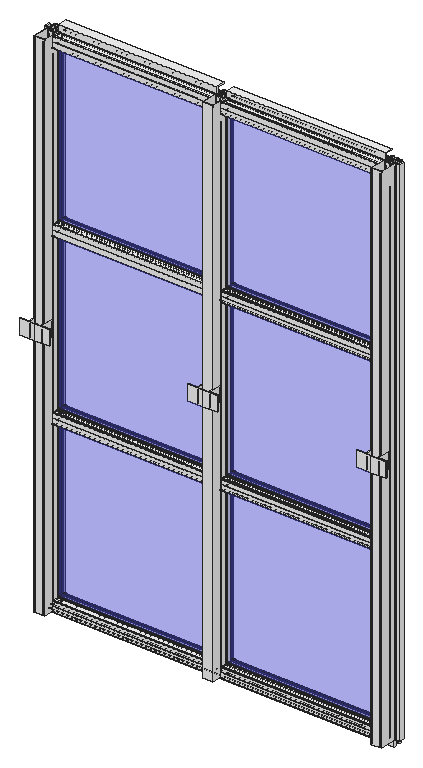
Revit family "Facade_60_Curtain_Wall_I23_Custom", category Windows, host Wall, Revit 2014
Parameters (values of type "F60-I23-Custom")
  Windload Design [instance] = if(Custom Windload < 1001 mm, 1000 mm, if(Custom Windload < 1501 mm, 1500 mm, 2000 mm))  # 1000 mm
  Width [instance] = if(Custom Curtain Wall Width < Limit Door Width Min, Limit Door Width Min, if(Custom Curtain Wall Width > Limit Door Width Max, Limit Door Width Max, Custom Curtain Wall Width))  # 2000 mm
  Wall Thickness [instance] = 200 mm
  Vertical Profile Length [instance] = Height - Frame Bottom Gap  # 2970 mm
  URL = "http://www.crealco.co.za/crealco-products.php"
  Type Comments = ""
  Transom Vertical Spacing [instance] = (Height - Frame Bottom Gap - (4 mm * 60)) / 3  # 910 mm
  Top Transom Top Gap [instance] = Transom Vertical Spacing + 60 mm  # 970 mm
  Top Profile Overhang = 5.9 mm  # constant formula
  Thermal Resistance (R) [instance] = if(IGDB or SAGDB Number = 100100, 1.0000 (m²·K)/W / Intruderprufe U Value, if(IGDB or SAGDB Number = 100100, 1.0000 (m²·K)/W / Intruderprufe U Value, if(IGDB or SAGDB Number = 105003, 1.0000 (m²·K)/W / Intruderprufe Insulated U Value, if(IGDB or SAGDB Number = 105004, 1.0000 (m²·K)/W / Intruderprufe Insulated LowE U Value, 1.0000 (m²·K)/W / 7.9)))) * 1  # 0.126582 (m²·K)/W
  Thermal Break Material = Plastic, Opaque Black
  Solar Heat Gain Coefficient [instance] = if(IGDB or SAGDB Number = 100100, Intruderprufe SHGC Value, if(IGDB or SAGDB Number = 103200, Intruderprufe LowE SHGC Value, if(IGDB or SAGDB Number = 105003, Intruderprufe Insulated SHGC Value, if(IGDB or SAGDB Number = 105004, Intruderprufe Insulated LowE SHGC Value, 0))))  # 0
  Single Glazing [instance] = if(DG Forced, 1 = 0, not(Double Glazing))  # no
  Sill Height = 85 mm  # constant formula
  SG Forced [instance] = not(DG Forced)  # no
  Quarter Expansion Break = no
  Overall Width [instance] = 2000 mm
  Overall Height [instance] = 3000 mm
  Mullion Side Gap [instance] = (Width / 2) - 30 mm  # 970 mm
  Mullion Configuration [instance] = if(Windload Design = 1000 mm, if(not(Height > 4990 mm), 1 mm, 2 mm), if(Windload Design = 1500 mm, if(not(Height > 4990 mm), if(Width > 2990 mm, 2 mm, 1 mm), 3 mm), if(not(Height > 4990 mm), if(Width > 1790 mm, 2 mm, 1 mm), 3 mm)))  # 1 mm
  Model = "Facade 60"
  Half Expansion Break = no
  Bottom Transom Bottom Gap [instance] = Transom Vertical Spacing + 30 mm + 60 mm  # 1000 mm
  Mid Glazing Bottom Gap [instance] = Frame Bottom Gap + 60 mm + Transom Vertical Spacing + 39.8 mm  # 1039.8 mm
  Max System DG Unit Thickness = 25 mm  # constant formula
  Max System DG One Piece Thickness [instance] = rounddown((Max System DG Unit Thickness - DG Gasket Thickness) / 2 mm) * 1 mm  # 6 mm
  Max Pane Area [instance] = Glazing Width * Glazing Height  # 0.90326 m²
  Manufacturer = "Crealco"
  Limit Door Width Min = (2 * Limit Panel Width Min) + (2 * Glazing Side Gap) + 19.6 mm  # 699.2 mm
  Limit Door Width Max = (2 * Limit Panel Width Max) + (2 * Glazing Side Gap) + 19.6 mm  # 6099.2 mm
  Limit Door Height Min = (3 * Limit Panel Height Min) + 69.8 mm + (2 mm * 19.6) + 39.8 mm  # 1048.8 mm
  Limit Door Height Max = (3 * Limit Panel Height Max) + 69.8 mm + (2 mm * 19.6) + 39.8 mm  # 18148.8 mm
  Limit Panel Width Min = 300 mm  # constant formula
  Limit Panel Width Max = 3000 mm  # constant formula
  Limit Panel Height Min = 300 mm  # constant formula
  Limit Panel Height Max = 6000 mm  # constant formula
  Sill Length [instance] = Width  # 2000 mm
  Length Sill [instance] = Width  # 2000 mm
  Keynote = ""
  Jamb Width = 60 mm  # constant formula
  Intruderprufe U Value = 0
  Intruderprufe SHGC Value = 0
  Intruderprufe LowE U Value = 0
  Intruderprufe LowE SHGC Value = 0
  Intruderprufe Insulated U Value = 0
  Intruderprufe Insulated SHGC Value = 0
  Intruderprufe Insulated LowE U Value = 0
  Intruderprufe Insulated LowE SHGC Value = 0
  Horizontal Profile Length [instance] = (Width - (2 * Jamb Width) - 60 mm) / 2  # 910 mm
  Glazing Width [instance] = Horizontal Profile Length + (2 mm * 20.2)  # 950.4 mm
  Glazing Top Gap = 39.8 mm  # constant formula
  Glazing Side Gap = 39.8 mm  # constant formula
  Glazing Height [instance] = (Height - Glazing Top Gap - Glazing Bottom Gap - (2 * (60 mm - 20.2 mm - 20.2 mm))) / 3  # 950.4 mm
  Glazing Gap SG [instance] = (14 mm - SG Thickness) / 2  # 5 mm
  Glazing Gap DG [instance] = (28 mm - (DG Thickness + DG Thickness + DG Gasket Thickness)) / 2  # 4 mm
  Glazing Bottom Gap = 69.8 mm  # constant formula
  Frame Thickness = 101.8 mm  # constant formula
  Frame Bottom Gap = 30 mm  # constant formula
  Door Leaf Height [instance] = 2050 mm
  Double Glazing [instance] = yes
  DG Thickness Calc [instance] = if(not(Max Pane Area > 1.125 m²), 4 mm, if(not(Max Pane Area > 2.25 m²), 4 mm, if(not(Max Pane Area > 3.15 m²), 5 mm, if(not(Max Pane Area > 4.35 m²), 6 mm, if(not(Max Pane Area > 6.45 m²), 8 mm, 10 mm)))))  # 4 mm
  DG Thickness [instance] = if(IGDB or SAGDB Number = 105003, 6 mm, if(IGDB or SAGDB Number = 105004, 7 mm, if(DG Thickness Calc > Max System DG One Piece Thickness, Max System DG One Piece Thickness, DG Thickness Calc)))  # 4 mm
  DG Gasket Thickness = 12 mm  # constant formula
  DG Gasket Finish [instance] = Double Glazing Gasket Material
  DG Forced [instance] = if(IGDB or SAGDB Number = 100100, 1 = 0, if(IGDB or SAGDB Number = 103200, 1 = 0, if(IGDB or SAGDB Number = 105003, 1 = 1, if(IGDB or SAGDB Number = 105004, 1 = 1, Double Glazing))))  # yes
  IGDB or SAGDB Number [instance] = 0
  Height [instance] = if(Custom Curtain Wall Height < Limit Door Height Min, Limit Door Height Min, if(Custom Curtain Wall Height > Limit Door Height Max, Limit Door Height Max, Custom Curtain Wall Height))  # 3000 mm
  Heat Transfer Coefficient (U) [instance] = if(IGDB or SAGDB Number = 100100, Intruderprufe U Value, if(IGDB or SAGDB Number = 103200, Intruderprufe LowE U Value, if(IGDB or SAGDB Number = 105003, Intruderprufe Insulated U Value, if(IGDB or SAGDB Number = 105004, Intruderprufe Insulated LowE U Value, 7.9)))) * 1.0000 W/(m²·K)  # 7.9000 W/(m²·K)
  SG Thickness [instance] = if(IGDB or SAGDB Number = 100100, 6 mm, if(IGDB or SAGDB Number = 103200, 7 mm, if(not(Max Pane Area > 0.75 m²), 4 mm, if(not(Max Pane Area > 1.50 m²), 4 mm, if(not(Max Pane Area > 2.10 m²), 5 mm, if(not(Max Pane Area > 2.90 m²), 6.4 mm, if(not(Max Pane Area > 4.30 m²), 8 mm, 10 mm)))))))  # 4 mm
  Glazing Material [instance] = if(IGDB or SAGDB Number = 100100, "PFG INTRUDERPRUFE 6.38mm", if(IGDB or SAGDB Number = 103200, "PFG INTRUDERPRUFE LOW-E 7.38mm", if(IGDB or SAGDB Number = 105003, "PFG 25mm INTRUDERPRUFE INSULATED GLASS", if(IGDB or SAGDB Number = 105004, "PFG 25mm INTRUDERPRUFE INSULATED GLASS LOW-E", "Unknown"))))  # "Unknown"
  Glazing Finish [instance] = Glass
  Glazing Code [instance] = if(IGDB or SAGDB Number = 100100, "LAM01", if(IGDB or SAGDB Number = 103200, "LAM01E", if(IGDB or SAGDB Number = 105003, "IGU25", if(IGDB or SAGDB Number = 105004, "IGU25E", "Unknown"))))  # "Unknown"
  Frame Offset [instance] = if([100mm Mullion], 130 mm, if([160mm Mullion], 160 mm, 190 mm))  # 130 mm
  Description = "Curtain Wall, I23"
  Default Sill Height = 0 mm
  Wall Closure = By host
  Custom Curtain Wall Width [instance] = 2000 mm
  Custom Curtain Wall Height [instance] = 3000 mm
  Custom Windload [instance] = 1000 mm
  Custom Anchor Height [instance] = 0 mm
  Anchor Height [instance] = if(or(Custom Anchor Height < 42.5 mm, Custom Anchor Height > (Height - 42.5 mm)), (Height / 2) - 42.5 mm, Custom Anchor Height - 42.5 mm)  # 1457.5 mm
  Aluminium Finish [instance] = White Powder Coated Aluminium ANP 1052
  All Available Glazing Numbers [instance] = "The rows below list the available glazing materials for this window:"  # constant formula
  190mm Mullion [instance] = if(Mullion Configuration = 3 mm, 1 = 1, 1 = 0)  # no
  160mm Mullion [instance] = if(Mullion Configuration = 2 mm, 1 = 1, 1 = 0)  # no
  105004 [instance] = "IGU25E"  # constant formula
  105003 [instance] = "IGU25"  # constant formula
  103200 [instance] = "LAM01E"  # constant formula
  100mm Mullion [instance] = if(or(Mullion Configuration = 2 mm, Mullion Configuration = 3 mm), 1 = 0, 1 = 1)  # yes
  100100 [instance] = "LAM01"  # constant formula
Reference planes
  plane 1 "Center (Front/Back)": y = 0
  plane 2 "Center (Left/Right)": x = 0
  plane 3 "Left": x = -1000
  plane 4 "Right": x = 1000
  plane 5 "Sill": z = 0
  plane 6 "Head": z = 3000
  plane 7 "Exterior": y = 100
  plane 8 "Interior": y = -100
Lines and regions (mm)
  Opening 1
    outline origin (3507.082, -100, 0) x (1, 0, 0) y (0, 0, 1)
      loop
        line (-2507.082, 0) -> (-2507.082, 3000) -> (-4507.082, 3000) -> (-4507.082, 0) -> (-2507.082, 0)
Text (mm)
  text "EXTERIOR" at (-1963.203, 1332.353, 0), in view "Ref. Level"
  text "INTERIOR" at (-1981.466, -818.386, 0), in view "Ref. Level"
  text "Exterior" at (0, 923.751, 2943.296), in view "Right"
  text "Exterior" at (0, 1040.484, 2685.409), in view "Left"
Dimensions and locks
  equal spacing: plane 3 "Left", plane 2 "Center (Left/Right)", plane 4 "Right"
  "Width": plane 3 "Left" to plane 4 "Right"
  "Height": plane 5 "Sill" to plane 6 "Head"
  "Default Sill Height": plane 5 "Sill" to level
  locked: plane 7 "Exterior" to host wall at 0
  locked: plane 8 "Interior" to host wall
  "Overall Height": plane 6 "Head" to plane 5 "Sill"
  "Overall Width": plane 3 "Left" to plane 4 "Right"
  "Wall Thickness": host wall to host wall
  "Jamb Width": nested 3 to plane 4 "Right"
  "Jamb Width": nested 5 to plane 4 "Right"
  "Frame Bottom Gap": nested 5 to level
  "Glazing Side Gap": nested 6 to plane 4 "Right"
  "Glazing Top Gap": nested 6 to plane 6 "Head"
  "Glazing Gap SG": nested 6 to nested 1
  "Glazing Side Gap": nested 7 to plane 4 "Right"
  "Glazing Top Gap": nested 7 to plane 6 "Head"
  "Glazing Gap DG": nested 7 to nested 1
  "Mullion Side Gap": nested 8 to plane 4 "Right"
  "Frame Bottom Gap": nested 8 to level
  "Jamb Width": plane 3 "Left" to nested 10
  "Jamb Width": plane 3 "Left" to nested 9
  "Glazing Side Gap": plane 3 "Left" to nested 11
  "Glazing Side Gap": plane 3 "Left" to nested 12
  "Glazing Gap SG": nested 2 to nested 12
  "Glazing Gap DG": nested 2 to nested 11
  "Glazing Bottom Gap": nested 11 to level
  "Glazing Bottom Gap": nested 12 to level
  "Frame Bottom Gap": nested 9 to level
  "Bottom Transom Bottom Gap": nested 13 to level
  "Jamb Width": plane 3 "Left" to nested 13
  "Jamb Width": nested 14 to plane 4 "Right"
  "Glazing Bottom Gap": nested 15 to level
  "Glazing Bottom Gap": nested 16 to level
  "Glazing Top Gap": nested 17 to plane 6 "Head"
  "Glazing Top Gap": nested 18 to plane 6 "Head"
  "Glazing Side Gap": plane 3 "Left" to nested 18
  "Glazing Side Gap": plane 3 "Left" to nested 17
  "Glazing Side Gap": nested 15 to plane 4 "Right"
  "Glazing Side Gap": nested 16 to plane 4 "Right"
  "Glazing Gap SG": nested 16 to nested 1
  "Glazing Gap DG": nested 15 to nested 1
  "Glazing Gap SG": nested 2 to nested 18
  "Glazing Gap DG": nested 2 to nested 17
  "Jamb Width": nested 19 to plane 4 "Right"
  "Jamb Width": plane 3 "Left" to nested 20
  "Mid Glazing Bottom Gap": nested 22 to level
  "Mid Glazing Bottom Gap": nested 24 to level
  "Mid Glazing Bottom Gap": nested 21 to level
  "Mid Glazing Bottom Gap": nested 23 to level
  "Glazing Side Gap": plane 3 "Left" to nested 23
  "Glazing Side Gap": plane 3 "Left" to nested 21
  "Glazing Side Gap": nested 24 to plane 4 "Right"
  "Glazing Side Gap": nested 22 to plane 4 "Right"
  "Glazing Gap DG": nested 2 to nested 21
  "Glazing Gap SG": nested 2 to nested 23
  "Glazing Gap DG": nested 22 to nested 1
  "Glazing Gap SG": nested 24 to nested 1
  "Bottom Transom Bottom Gap": nested 14 to level
  "Top Transom Top Gap": nested 19 to plane 6 "Head"
  "Top Transom Top Gap": nested 20 to plane 6 "Head"
  "Frame Offset": plane 8 "Interior" to nested 1
  "Anchor Height": nested 25 to level
  "Anchor Height": nested 26 to level
  "Anchor Height": nested 27 to level
  aligned and locked: plane 4 "Right" to nested 1
  aligned and locked: nested 1 to plane 6 "Head"
  aligned and locked: plane 3 "Left" to nested 2
  aligned and locked: plane 6 "Head" to nested 2
  aligned and locked: nested 3 to plane 6 "Head"
  aligned and locked: nested 4 to level
  aligned and locked: plane 4 "Right" to nested 4
  aligned and locked: nested 1 to nested 2
  aligned and locked: nested 5 to nested 4
  aligned and locked: nested 8 to nested 2
  aligned and locked: nested 10 to plane 6 "Head"
  aligned and locked: nested 5 to nested 10
  aligned and locked: nested 5 to nested 9
  aligned and locked: nested 10 to nested 3
  aligned and locked: nested 10 to nested 2
  aligned and locked: nested 13 to nested 10
  aligned and locked: nested 14 to nested 3
  aligned and locked: nested 20 to nested 10
  aligned and locked: nested 19 to nested 3
  aligned and locked: nested 1 to nested 27
  aligned and locked: plane 8 "Interior" to nested 27
  aligned and locked: plane 8 "Interior" to nested 26
  aligned and locked: nested 8 to nested 26
  aligned and locked: nested 25 to nested 2
  aligned and locked: plane 8 "Interior" to nested 25
Automatic sketch dimensions
  plane 3 "Left" to Opening 1 sketch curve = 0 mm
  plane 4 "Right" to Opening 1 sketch curve = 0 mm
  Opening 1 sketch curve to plane 5 "Sill" = 0 mm
  Opening 1 sketch curve to plane 6 "Head" = 0 mm
Nested families
  nested 1: "F60 Vertical Profile Side_I23_Cust" at (1000, 35.2, 30) x (-1, 0, 0) z (0, 0, 1), Thermal Break Material <- "Thermal Break Material", Profile Material <- "Aluminium Finish", Length <- "Vertical Profile Length", Single Glazing <- "SG Forced", Double Glazing <- "DG Forced", 100mm Mullion <- "100mm Mullion", 160mm Mullion <- "160mm Mullion", 190mm Mullion <- "190mm Mullion", Quarter Expansion Break <- "Quarter Expansion Break", Half Expansion Break <- "Half Expansion Break", type "F60 Vertical Profile Side_I23_Cust"
    with Thermal Break Material Plastic, Opaque Black, Single Glazing no, Quarter SG Expansion Break no, Quarter Length 742.5 mm, Quarter Expansion Break no, Quarter DG Expansion Break no, Quarter 190mm Expansion Break no, Quarter 160mm Expansion Break no, Quarter 100mm Expansion Break no, Profile Material White Powder Coated Aluminium ANP 1052, Length 2970 mm, Half SG Expansion Break no, Half Length 1485 mm, Half Expansion Break no, Half DG Expansion Break no, Half 190mm Expansion Joint no, Half 160mm Expansion Break no, Half 100mm Expansion Break no, Double Glazing yes, 190mm Mullion no, 160mm Mullion no, 100mm Mullion yes
  nested 2: "F60 Vertical Profile Side_I23_Cust" at (-1000, 35.2, 30), Thermal Break Material <- "Thermal Break Material", Profile Material <- "Aluminium Finish", Length <- "Vertical Profile Length", Single Glazing <- "SG Forced", Double Glazing <- "DG Forced", 100mm Mullion <- "100mm Mullion", 160mm Mullion <- "160mm Mullion", 190mm Mullion <- "190mm Mullion", Quarter Expansion Break <- "Quarter Expansion Break", Half Expansion Break <- "Half Expansion Break", type "F60 Vertical Profile Side_I23_Cust"
    with Thermal Break Material Plastic, Opaque Black, Single Glazing no, Quarter SG Expansion Break no, Quarter Length 742.5 mm, Quarter Expansion Break no, Quarter DG Expansion Break no, Quarter 190mm Expansion Break no, Quarter 160mm Expansion Break no, Quarter 100mm Expansion Break no, Profile Material White Powder Coated Aluminium ANP 1052, Length 2970 mm, Half SG Expansion Break no, Half Length 1485 mm, Half Expansion Break no, Half DG Expansion Break no, Half 190mm Expansion Joint no, Half 160mm Expansion Break no, Half 100mm Expansion Break no, Double Glazing yes, 190mm Mullion no, 160mm Mullion no, 100mm Mullion yes
  nested 3: "F60 Horizontal Profile Top_I23_Cust" at (940, -14.6, 2940) x (-1, 0, 0) z (0, 0, 1), Thermal Break Material <- "Thermal Break Material", Profile Material <- "Aluminium Finish", Length <- "Horizontal Profile Length", Single Glazing <- "SG Forced", Double Glazing <- "DG Forced", type "F60 Horizontal Profile Top_I23_Cust"
    with Thermal Break Material Plastic, Opaque Black, Single Glazing no, Profile Material White Powder Coated Aluminium ANP 1052, Length 910 mm, Double Glazing yes
  nested 4: "F60 Sill_I23_Cust" at (1000, 22.771, -1.88) x (-1, 0, 0) z (0, 0, 1), Profile Material <- "Aluminium Finish", Length Sill <- "Length Sill", type "F60 Sill_I23_Cust"
    with Profile Material White Powder Coated Aluminium ANP 1052, Length Sill 2000 mm
  nested 5: "F60 Horizontal Profile Bottom_I23_Cust" at (940, -14.6, 30) x (-1, 0, 0) z (0, 0, 1), Thermal Break Material <- "Thermal Break Material", Profile Material <- "Aluminium Finish", Length <- "Horizontal Profile Length", Single Glazing <- "SG Forced", Double Glazing <- "DG Forced", type "F60 Horizontal Profile Bottom_I23_Cust"
    with Thermal Break Material Plastic, Opaque Black, Single Glazing no, Profile Material White Powder Coated Aluminium ANP 1052, Length 910 mm, Double Glazing yes
  nested 6: "F60_Single_Glazing_I23_Cust" at (960.2, 44.2, 2009.8), Glazing Width <- "Glazing Width", Glazing Height <- "Glazing Height", SG Thickness <- "SG Thickness", Glazing Finish <- "Glazing Finish", visible <- "SG Forced", type "F60_Single_Glazing_I23_Cust"
    with SG Thickness 4 mm, Glazing Width 950.4 mm, Glazing Height 950.4 mm, Glazing Finish Glass
  nested 7: "F60_Double_Glazing_I23_Cust" at (960.2, 59.2, 2009.8), Glazing Material <- "Glazing Finish", Double Glazing Gasket Material <- "DG Gasket Finish", Glazing Width <- "Glazing Width", Glazing Height <- "Glazing Height", Glazing Thickness DG <- "DG Thickness", Double Glazing Gasket Thickness <- "DG Gasket Thickness", visible <- "DG Forced", type "F60_Double_Glazing_I23_Cust"
    with Glazing Width 950.4 mm, Glazing Thickness DG 4 mm, Glazing Material Glass, Glazing Height 950.4 mm, Double Glazing Gasket Thickness 12 mm, Double Glazing Gasket Material Double Glazing Gasket Material
  nested 8: "F60 Vertical Profile Middle_I23_Cust" at (30, 35.2, 30) x (-1, 0, 0) z (0, 0, 1), Thermal Break Material <- "Thermal Break Material", Profile Material <- "Aluminium Finish", Single Glazing <- "SG Forced", Double Glazing <- "DG Forced", 190mm Mullion <- "190mm Mullion", 160mm Mullion <- "160mm Mullion", 100mm Mullion <- "100mm Mullion", Length <- "Vertical Profile Length", Half Expansion Break <- "Half Expansion Break", Quarter Expansion Break <- "Quarter Expansion Break", type "F60 Vertical Profile Middle_I23_Cust"
    with Thermal Break Material Plastic, Opaque Black, Single Glazing no, Quarter SG Expansion Break no, Quarter Length 742.5 mm, Quarter Expansion Break no, Quarter DG Expansion Break no, Quarter 190mm Expansion Break no, Quarter 160mm Expansion Break no, Quarter 100mm Expansion Break no, Profile Material White Powder Coated Aluminium ANP 1052, Length 2970 mm, Half SG Expansion Break no, Half Length 1485 mm, Half Expansion Break no, Half DG Expansion Break no, Half 190mm Expansion Joint no, Half 160mm Expansion Break no, Half 100mm Expansion Break no, Double Glazing yes, 190mm Mullion no, 160mm Mullion no, 100mm Mullion yes
  nested 9: "F60 Horizontal Profile Bottom_I23_Cust" at (-30, -14.6, 30) x (-1, 0, 0) z (0, 0, 1), Thermal Break Material <- "Thermal Break Material", Profile Material <- "Aluminium Finish", Length <- "Horizontal Profile Length", Single Glazing <- "SG Forced", Double Glazing <- "DG Forced", type "F60 Horizontal Profile Bottom_I23_Cust"
    with Thermal Break Material Plastic, Opaque Black, Single Glazing no, Profile Material White Powder Coated Aluminium ANP 1052, Length 910 mm, Double Glazing yes
  nested 10: "F60 Horizontal Profile Top_I23_Cust" at (-30, -14.6, 2940) x (-1, 0, 0) z (0, 0, 1), Thermal Break Material <- "Thermal Break Material", Profile Material <- "Aluminium Finish", Length <- "Horizontal Profile Length", Single Glazing <- "SG Forced", Double Glazing <- "DG Forced", type "F60 Horizontal Profile Top_I23_Cust"
    with Thermal Break Material Plastic, Opaque Black, Single Glazing no, Profile Material White Powder Coated Aluminium ANP 1052, Length 910 mm, Double Glazing yes
  nested 11: "F60_Double_Glazing_I23_Cust" at (-9.8, 59.2, 69.8), Glazing Material <- "Glazing Finish", Double Glazing Gasket Material <- "DG Gasket Finish", Glazing Width <- "Glazing Width", Glazing Height <- "Glazing Height", Glazing Thickness DG <- "DG Thickness", Double Glazing Gasket Thickness <- "DG Gasket Thickness", visible <- "DG Forced", type "F60_Double_Glazing_I23_Cust"
    with Glazing Width 950.4 mm, Glazing Thickness DG 4 mm, Glazing Material Glass, Glazing Height 950.4 mm, Double Glazing Gasket Thickness 12 mm, Double Glazing Gasket Material Double Glazing Gasket Material
  nested 12: "F60_Single_Glazing_I23_Cust" at (-9.8, 44.2, 69.8), Glazing Width <- "Glazing Width", Glazing Height <- "Glazing Height", SG Thickness <- "SG Thickness", Glazing Finish <- "Glazing Finish", visible <- "SG Forced", type "F60_Single_Glazing_I23_Cust"
    with SG Thickness 4 mm, Glazing Width 950.4 mm, Glazing Height 950.4 mm, Glazing Finish Glass
  nested 13: "F60 Horizontal Profile Middle_I23_Cust" at (-30, -14.6, 1000) x (-1, 0, 0) z (0, 0, 1), Thermal Break Material <- "Thermal Break Material", Profile Material <- "Aluminium Finish", Length <- "Horizontal Profile Length", Single Glazing <- "SG Forced", Double Glazing <- "DG Forced", type "F60 Horizontal Profile Middle_I23_Cust"
    with Thermal Break Material Plastic, Opaque Black, Single Glazing no, Profile Material White Powder Coated Aluminium ANP 1052, Length 910 mm, Double Glazing yes
  nested 14: "F60 Horizontal Profile Middle_I23_Cust" at (940, -14.6, 1000) x (-1, 0, 0) z (0, 0, 1), Thermal Break Material <- "Thermal Break Material", Profile Material <- "Aluminium Finish", Length <- "Horizontal Profile Length", Single Glazing <- "SG Forced", Double Glazing <- "DG Forced", type "F60 Horizontal Profile Middle_I23_Cust"
    with Thermal Break Material Plastic, Opaque Black, Single Glazing no, Profile Material White Powder Coated Aluminium ANP 1052, Length 910 mm, Double Glazing yes
  nested 15: "F60_Double_Glazing_I23_Cust" at (960.2, 59.2, 69.8), Glazing Material <- "Glazing Finish", Double Glazing Gasket Material <- "DG Gasket Finish", Glazing Width <- "Glazing Width", Glazing Height <- "Glazing Height", Glazing Thickness DG <- "DG Thickness", Double Glazing Gasket Thickness <- "DG Gasket Thickness", visible <- "DG Forced", type "F60_Double_Glazing_I23_Cust"
    with Glazing Width 950.4 mm, Glazing Thickness DG 4 mm, Glazing Material Glass, Glazing Height 950.4 mm, Double Glazing Gasket Thickness 12 mm, Double Glazing Gasket Material Double Glazing Gasket Material
  nested 16: "F60_Single_Glazing_I23_Cust" at (960.2, 44.2, 69.8), Glazing Width <- "Glazing Width", Glazing Height <- "Glazing Height", SG Thickness <- "SG Thickness", Glazing Finish <- "Glazing Finish", visible <- "SG Forced", type "F60_Single_Glazing_I23_Cust"
    with SG Thickness 4 mm, Glazing Width 950.4 mm, Glazing Height 950.4 mm, Glazing Finish Glass
  nested 17: "F60_Double_Glazing_I23_Cust" at (-9.8, 59.2, 2009.8), Glazing Material <- "Glazing Finish", Double Glazing Gasket Material <- "DG Gasket Finish", Glazing Width <- "Glazing Width", Glazing Height <- "Glazing Height", Glazing Thickness DG <- "DG Thickness", Double Glazing Gasket Thickness <- "DG Gasket Thickness", visible <- "DG Forced", type "F60_Double_Glazing_I23_Cust"
    with Glazing Width 950.4 mm, Glazing Thickness DG 4 mm, Glazing Material Glass, Glazing Height 950.4 mm, Double Glazing Gasket Thickness 12 mm, Double Glazing Gasket Material Double Glazing Gasket Material
  nested 18: "F60_Single_Glazing_I23_Cust" at (-9.8, 44.2, 2009.8), Glazing Width <- "Glazing Width", Glazing Height <- "Glazing Height", SG Thickness <- "SG Thickness", Glazing Finish <- "Glazing Finish", visible <- "SG Forced", type "F60_Single_Glazing_I23_Cust"
    with SG Thickness 4 mm, Glazing Width 950.4 mm, Glazing Height 950.4 mm, Glazing Finish Glass
  nested 19: "F60 Horizontal Profile Middle_I23_Cust" at (940, -14.6, 1970) x (-1, 0, 0) z (0, 0, 1), Thermal Break Material <- "Thermal Break Material", Profile Material <- "Aluminium Finish", Length <- "Horizontal Profile Length", Single Glazing <- "SG Forced", Double Glazing <- "DG Forced", type "F60 Horizontal Profile Middle_I23_Cust"
    with Thermal Break Material Plastic, Opaque Black, Single Glazing no, Profile Material White Powder Coated Aluminium ANP 1052, Length 910 mm, Double Glazing yes
  nested 20: "F60 Horizontal Profile Middle_I23_Cust" at (-30, -14.6, 1970) x (-1, 0, 0) z (0, 0, 1), Thermal Break Material <- "Thermal Break Material", Profile Material <- "Aluminium Finish", Length <- "Horizontal Profile Length", Single Glazing <- "SG Forced", Double Glazing <- "DG Forced", type "F60 Horizontal Profile Middle_I23_Cust"
    with Thermal Break Material Plastic, Opaque Black, Single Glazing no, Profile Material White Powder Coated Aluminium ANP 1052, Length 910 mm, Double Glazing yes
  nested 21: "F60_Double_Glazing_I23_Cust" at (-9.8, 59.2, 1039.8), Glazing Material <- "Glazing Finish", Double Glazing Gasket Material <- "DG Gasket Finish", Glazing Width <- "Glazing Width", Glazing Height <- "Glazing Height", Glazing Thickness DG <- "DG Thickness", Double Glazing Gasket Thickness <- "DG Gasket Thickness", visible <- "DG Forced", type "F60_Double_Glazing_I23_Cust"
    with Glazing Width 950.4 mm, Glazing Thickness DG 4 mm, Glazing Material Glass, Glazing Height 950.4 mm, Double Glazing Gasket Thickness 12 mm, Double Glazing Gasket Material Double Glazing Gasket Material
  nested 22: "F60_Double_Glazing_I23_Cust" at (960.2, 59.2, 1039.8), Glazing Material <- "Glazing Finish", Double Glazing Gasket Material <- "DG Gasket Finish", Glazing Width <- "Glazing Width", Glazing Height <- "Glazing Height", Glazing Thickness DG <- "DG Thickness", Double Glazing Gasket Thickness <- "DG Gasket Thickness", visible <- "DG Forced", type "F60_Double_Glazing_I23_Cust"
    with Glazing Width 950.4 mm, Glazing Thickness DG 4 mm, Glazing Material Glass, Glazing Height 950.4 mm, Double Glazing Gasket Thickness 12 mm, Double Glazing Gasket Material Double Glazing Gasket Material
  nested 23: "F60_Single_Glazing_I23_Cust" at (-9.8, 44.2, 1039.8), Glazing Width <- "Glazing Width", Glazing Height <- "Glazing Height", SG Thickness <- "SG Thickness", Glazing Finish <- "Glazing Finish", visible <- "SG Forced", type "F60_Single_Glazing_I23_Cust"
    with SG Thickness 4 mm, Glazing Width 950.4 mm, Glazing Height 950.4 mm, Glazing Finish Glass
  nested 24: "F60_Single_Glazing_I23_Cust" at (960.2, 44.2, 1039.8), Glazing Width <- "Glazing Width", Glazing Height <- "Glazing Height", SG Thickness <- "SG Thickness", Glazing Finish <- "Glazing Finish", visible <- "SG Forced", type "F60_Single_Glazing_I23_Cust"
    with SG Thickness 4 mm, Glazing Width 950.4 mm, Glazing Height 950.4 mm, Glazing Finish Glass
  nested 25: "F60 Intermediate Anchor_I23_Cust" at (-1077.715, -189.531, 1457.5), Profile Material <- "Aluminium Finish", type "F60 Intermediate Anchor_I23_Cust"
    with Profile Material White Powder Coated Aluminium ANP 1052
  nested 26: "F60 Intermediate Anchor_I23_Cust" at (-109.703, -189.531, 1457.5), Profile Material <- "Aluminium Finish", type "F60 Intermediate Anchor_I23_Cust"
    with Profile Material White Powder Coated Aluminium ANP 1052
  nested 27: "F60 Intermediate Anchor_I23_Cust" at (860.297, -189.531, 1457.5), Profile Material <- "Aluminium Finish", type "F60 Intermediate Anchor_I23_Cust"
    with Profile Material White Powder Coated Aluminium ANP 1052
Definition of nested family "F60 Vertical Profile Side_I23_Cust"
  Parameters (values of type "F60 Vertical Profile Side")
    Quarter SG Expansion Break [instance] = if(and(Quarter Expansion Break, Single Glazing), 1 = 1, 1 = 0)  # yes
    Quarter Length [instance] = Length / 4  # 62.5 mm
    Thermal Break Material [instance] = none
    Single Glazing [instance] = yes
    Quarter Expansion Break [instance] = yes
    Quarter DG Expansion Break [instance] = if(and(Quarter Expansion Break, Double Glazing), 1 = 1, 1 = 0)  # yes
    Quarter 190mm Expansion Break [instance] = if(and(Quarter Expansion Break, [190mm Mullion]), 1 = 1, 1 = 0)  # yes
    Quarter 160mm Expansion Break [instance] = if(and(Quarter Expansion Break, [160mm Mullion]), 1 = 1, 1 = 0)  # yes
    Quarter 100mm Expansion Break [instance] = if(and(Quarter Expansion Break, [100mm Mullion]), 1 = 1, 1 = 0)  # yes
    Profile Material [instance] = none
    Length [instance] = 250 mm
    Half SG Expansion Break [instance] = if(and(Half Expansion Break, Single Glazing), 1 = 1, 1 = 0)  # yes
    Half Length [instance] = Length / 2  # 125 mm
    Half Expansion Break [instance] = yes
    Half DG Expansion Break [instance] = if(and(Half Expansion Break, Double Glazing), 1 = 1, 1 = 0)  # yes
    Half 190mm Expansion Joint [instance] = if(and(Half Expansion Break, [190mm Mullion]), 1 = 1, 1 = 0)  # yes
    Half 160mm Expansion Break [instance] = if(and(Half Expansion Break, [160mm Mullion]), 1 = 1, 1 = 0)  # yes
    Half 100mm Expansion Break [instance] = if(and(Half Expansion Break, [100mm Mullion]), 1 = 1, 1 = 0)  # yes
    Double Glazing [instance] = yes
    190mm Mullion [instance] = yes
    160mm Mullion [instance] = yes
    100mm Mullion [instance] = yes
  Reference planes
    plane 1 "Center (Front/Back)": y = 0
    plane 2: z = 0
    plane 3 "Center (Left/Right)": x = 0
  Forms (mm)
    Extrusion 1, solid, material <- "Profile Material"
      sketch origin (0, 0, 0) x (1, 0, 0) y (0, 1, 0)
        loop
          arc (25.249, -8.7) -> (25.484, -9.266) -> (26.049, -9.5) r 0.8
          line (26.049, -9.5) -> (27.1, -9.5) -> (27.1, 7) -> (32.902, 7) -> (32.902, -9.5) -> (33.951, -9.5)
          arc (33.951, -9.5) -> (34.516, -9.266) -> (34.751, -8.7) r 0.8
          line (34.751, -8.7) -> (34.751, 6.2)
          arc (34.751, 6.2) -> (34.985, 6.766) -> (35.551, 7) r 0.8
          line (35.551, 7) -> (52.1, 7) -> (52.1, 5.4) -> (50.55, 5.4) -> (50.55, 4.55)
          arc (50.55, 4.55) -> (50.726, 4.126) -> (51.15, 3.95) r 0.6
          line (51.15, 3.95) -> (52.1, 3.95) -> (52.1, 1)
          arc (52.1, 1) -> (51.6, 0.5) -> (52.1, 0) r 0.5
          line (52.1, 0) -> (54.45, 0) -> (54.45, 1.15) -> (53.3, 1.15) -> (53.3, 2.45) -> (58.8, 2.45) -> (58.8, 1.15) -> (57.65, 1.15) -> (57.65, 0) -> (59.5, 0)
          arc (59.5, 0) -> (59.854, 0.146) -> (60, 0.5) r 0.5
          line (60, 0.5) -> (60, 3.9) -> (53.55, 3.9) -> (53.55, 7.6)
          arc (53.55, 7.6) -> (53.316, 8.166) -> (52.75, 8.4) r 0.8
          line (52.75, 8.4) -> (30, 8.4) -> (7.25, 8.4)
          arc (7.25, 8.4) -> (6.684, 8.166) -> (6.45, 7.6) r 0.8
          line (6.45, 7.6) -> (6.45, 3.9) -> (0, 3.9) -> (0, 0.5)
          arc (0, 0.5) -> (0.146, 0.146) -> (0.5, 0) r 0.5
          line (0.5, 0) -> (2.35, 0) -> (2.35, 1.15) -> (1.2, 1.15) -> (1.2, 2.45) -> (6.7, 2.45) -> (6.7, 1.15) -> (5.55, 1.15) -> (5.55, 0) -> (7.9, 0)
          arc (7.9, 0) -> (8.4, 0.5) -> (7.9, 1) r 0.5
          line (7.9, 1) -> (7.9, 3.95) -> (8.85, 3.95)
          arc (8.85, 3.95) -> (9.274, 4.126) -> (9.45, 4.55) r 0.6
          line (9.45, 4.55) -> (9.45, 5.4) -> (7.9, 5.4) -> (7.9, 7) -> (24.449, 7)
          arc (24.449, 7) -> (25.015, 6.766) -> (25.249, 6.2) r 0.8
          line (25.249, 6.2) -> (25.249, -8.7)
      from 0 to 250 <- "Length"
    Extrusion 2, solid, material <- "Thermal Break Material"
      sketch origin (0, 0, 0) x (1, 0, 0) y (0, 1, 0)
        loop
          line (1.75, 9.8) -> (1.75, 5.2) -> (0, 5.2) -> (0, 3.9) -> (6.35, 3.9) -> (6.35, 7.856)
          arc (6.35, 7.856) -> (6.526, 8.281) -> (6.95, 8.456) r 0.6
          line (6.95, 8.456) -> (30, 8.456) -> (53.05, 8.456)
          arc (53.05, 8.456) -> (53.474, 8.281) -> (53.65, 7.856) r 0.6
          line (53.65, 7.856) -> (53.65, 3.9) -> (60, 3.9) -> (60, 5.2) -> (58.25, 5.2) -> (58.25, 9.8) -> (30, 9.8) -> (1.75, 9.8)
      from 0 to 250 <- "Length"
    Extrusion 3, solid, material <- "Thermal Break Material", visible <- "Single Glazing"
      sketch origin (0, 0, 0) x (1, 0, 0) y (0, 1, 0)
        loop
          line (25.749, -14.011) -> (27.672, -14.011) -> (28.481, -12.611) -> (31.518, -12.611) -> (32.327, -14.011) -> (34.249, -14.011)
          arc (34.249, -14.011) -> (34.603, -13.864) -> (34.749, -13.511) r 0.5
          line (34.749, -13.511) -> (34.749, -10.011)
          arc (34.749, -10.011) -> (34.603, -9.657) -> (34.249, -9.511) r 0.5
          line (34.249, -9.511) -> (32.352, -9.511) -> (32.352, 0.19) -> (31.349, 2.261)
          arc (31.349, 2.261) -> (29.999, 2.986) -> (28.649, 2.261) r 1.62
          line (28.649, 2.261) -> (27.647, 0.19) -> (27.647, -9.511) -> (25.749, -9.511)
          arc (25.749, -9.511) -> (25.396, -9.657) -> (25.249, -10.011) r 0.5
          line (25.249, -10.011) -> (25.249, -13.511)
          arc (25.249, -13.511) -> (25.396, -13.864) -> (25.749, -14.011) r 0.5
        loop
          line (28.504, -10.005) -> (28.504, -10.861)
          arc (28.504, -10.861) -> (28.651, -11.214) -> (29.004, -11.361) r 0.5
          line (29.004, -11.361) -> (30.994, -11.361)
          arc (30.994, -11.361) -> (31.348, -11.214) -> (31.494, -10.861) r 0.5
          line (31.494, -10.861) -> (31.494, -10.005) -> (30.708, -9.219)
          arc (30.708, -9.219) -> (30.383, -9.001) -> (29.999, -8.924) r 1.007
          arc (29.999, -8.924) -> (29.616, -8.999) -> (29.292, -9.217) r 0.986
          line (29.292, -9.217) -> (28.504, -10.005)
        loop
          arc (30.896, 1.935) -> (29.887, 2.44) -> (29.005, 1.735) r 1.047
          line (29.005, 1.735) -> (28.347, 0.374) -> (28.347, -6.993)
          arc (28.347, -6.993) -> (28.583, -7.417) -> (29.068, -7.441) r 0.5
          arc (29.068, -7.441) -> (29.999, -7.223) -> (30.93, -7.441) r 2.099
          arc (30.93, -7.441) -> (31.416, -7.417) -> (31.652, -6.993) r 0.5
          line (31.652, -6.993) -> (31.652, 0.374) -> (30.896, 1.935)
      from 0 to 250 <- "Length"
    Extrusion 4, solid, material <- "Profile Material", visible <- "Single Glazing"
      sketch origin (0, 0, 0) x (1, 0, 0) y (0, 1, 0)
        loop
          line (52.693, -14.011) -> (32.327, -14.011) -> (31.519, -12.611) -> (28.481, -12.611) -> (27.673, -14.011) -> (7.307, -14.011) -> (7.307, -15.011) -> (8.457, -15.011) -> (8.457, -16.261) -> (2.957, -16.261) -> (2.957, -15.011) -> (4.107, -15.011) -> (4.107, -14.011) -> (1.707, -14.011)
          arc (1.707, -14.011) -> (1.199, -14.293) -> (1.168, -14.873) r 0.6
          line (1.168, -14.873) -> (2.093, -16.772) -> (1.015, -17.298) -> (1.484, -18.261) -> (11.488, -18.261)
          arc (11.488, -18.261) -> (11.913, -18.085) -> (12.088, -17.661) r 0.6
          line (12.088, -17.661) -> (12.088, -16.811) -> (47.912, -16.811) -> (47.912, -17.661)
          arc (47.912, -17.661) -> (48.088, -18.085) -> (48.512, -18.261) r 0.6
          line (48.512, -18.261) -> (58.518, -18.261) -> (58.987, -17.298) -> (57.908, -16.772) -> (58.834, -14.874)
          arc (58.834, -14.874) -> (58.802, -14.293) -> (58.293, -14.011) r 0.6
          line (58.293, -14.011) -> (55.893, -14.011) -> (55.893, -15.011) -> (57.043, -15.011) -> (57.043, -16.261) -> (51.543, -16.261) -> (51.543, -15.011) -> (52.693, -15.011) -> (52.693, -14.011)
      from 0 to 250 <- "Length"
    Extrusion 5, solid, material <- "Profile Material", visible <- "Single Glazing"
      sketch origin (0, 0, 0) x (1, 0, 0) y (0, 1, 0)
        loop
          line (2.801, -18.261) -> (1.484, -18.261) -> (1.015, -17.298) -> (2.093, -16.772) -> (0.779, -14.076)
          arc (0.779, -14.076) -> (0.239, -14.21) -> (0.001, -14.713) r 0.65
          line (0.001, -14.713) -> (0.001, -28.068)
          arc (0.001, -28.068) -> (1.172, -30.897) -> (4.001, -32.068) r 4
          line (4.001, -32.068) -> (30.001, -32.068) -> (56.001, -32.068)
          arc (56.001, -32.068) -> (58.829, -30.897) -> (60.001, -28.068) r 4
          line (60.001, -28.068) -> (60.001, -14.713)
          arc (60.001, -14.713) -> (59.763, -14.21) -> (59.223, -14.076) r 0.65
          line (59.223, -14.076) -> (57.908, -16.772) -> (58.987, -17.298) -> (58.518, -18.261) -> (57.201, -18.261)
          arc (57.201, -18.261) -> (56.83, -18.425) -> (56.703, -18.811) r 0.5
          arc (56.703, -18.811) -> (56.83, -19.196) -> (57.201, -19.361) r 0.5
          line (57.201, -19.361) -> (58.951, -19.361) -> (58.951, -27.968)
          arc (58.951, -27.968) -> (58.131, -29.948) -> (56.151, -30.768) r 2.8
          line (56.151, -30.768) -> (30.001, -30.768) -> (3.851, -30.768)
          arc (3.851, -30.768) -> (1.871, -29.948) -> (1.051, -27.968) r 2.8
          line (1.051, -27.968) -> (1.051, -19.361) -> (2.801, -19.361)
          arc (2.801, -19.361) -> (3.172, -19.196) -> (3.298, -18.811) r 0.5
          arc (3.298, -18.811) -> (3.172, -18.425) -> (2.801, -18.261) r 0.5
      from 0 to 250 <- "Length"
    Extrusion 6, solid, material <- "Profile Material", visible <- "100mm Mullion"
      sketch origin (0, 0, 0) x (1, 0, 0) y (0, 1, 0)
        loop
          line (14.02, 13) -> (45.98, 13)
          arc (45.98, 13) -> (46.539, 12.842) -> (46.917, 12.4) r 1
          arc (46.917, 12.4) -> (47.285, 11.963) -> (47.833, 11.8) r 1
          line (47.833, 11.8) -> (58.15, 11.8) -> (58.15, 96.3) -> (47.833, 96.3)
          arc (47.833, 96.3) -> (47.285, 96.137) -> (46.917, 95.7) r 1
          arc (46.917, 95.7) -> (46.548, 95.263) -> (46, 95.1) r 1
          line (46, 95.1) -> (14, 95.1)
          arc (14, 95.1) -> (13.452, 95.263) -> (13.083, 95.7) r 1
          arc (13.083, 95.7) -> (12.715, 96.137) -> (12.167, 96.3) r 1
          line (12.167, 96.3) -> (1.85, 96.3) -> (1.85, 11.8) -> (12.167, 11.8)
          arc (12.167, 11.8) -> (12.715, 11.963) -> (13.083, 12.4) r 1
          arc (13.083, 12.4) -> (13.461, 12.842) -> (14.02, 13) r 1
        loop
          line (1.65, 9.856) -> (58.35, 9.856) -> (58.35, 5.2) -> (60, 5.2) -> (60, 98.8)
          arc (60, 98.8) -> (59.707, 99.507) -> (59, 99.8) r 1
          line (59, 99.8) -> (1, 99.8)
          arc (1, 99.8) -> (0.293, 99.507) -> (0, 98.8) r 1
          line (0, 98.8) -> (0, 5.2) -> (1.65, 5.2) -> (1.65, 9.856)
      from 0 to 250 <- "Length"
    Extrusion 7, solid, material <- "Profile Material", visible <- "160mm Mullion"
      sketch origin (0, 0, 0) x (1, 0, 0) y (0, 1, 0)
        loop
          arc (2.35, 15.6) -> (2.526, 15.176) -> (2.95, 15) r 0.6
          line (2.95, 15) -> (57.05, 15)
          arc (57.05, 15) -> (57.474, 15.176) -> (57.65, 15.6) r 0.6
          line (57.65, 15.6) -> (57.65, 153.7)
          arc (57.65, 153.7) -> (57.474, 154.124) -> (57.05, 154.3) r 0.6
          line (57.05, 154.3) -> (47.833, 154.3)
          arc (47.833, 154.3) -> (47.285, 154.137) -> (46.917, 153.7) r 1
          arc (46.917, 153.7) -> (46.548, 153.263) -> (46, 153.1) r 1
          line (46, 153.1) -> (14, 153.1)
          arc (14, 153.1) -> (13.452, 153.263) -> (13.083, 153.7) r 1
          arc (13.083, 153.7) -> (12.715, 154.137) -> (12.167, 154.3) r 1
          line (12.167, 154.3) -> (2.95, 154.3)
          arc (2.95, 154.3) -> (2.526, 154.124) -> (2.35, 153.7) r 0.6
          line (2.35, 153.7) -> (2.35, 15.6)
        loop
          arc (1, 159.8) -> (0.293, 159.507) -> (0, 158.8) r 1
          line (0, 158.8) -> (0, 5.2) -> (1.65, 5.2) -> (1.65, 10.013) -> (58.35, 10.013) -> (58.35, 5.2) -> (60, 5.2) -> (60, 158.8)
          arc (60, 158.8) -> (59.707, 159.507) -> (59, 159.8) r 1
          line (59, 159.8) -> (1, 159.8)
      from 0 to 250 <- "Length"
    Extrusion 8, solid, material <- "Profile Material", visible <- "190mm Mullion"
      sketch origin (0, 0, 0) x (1, 0, 0) y (0, 1, 0)
        loop
          line (57.25, 15.1) -> (57.25, 178.3)
          arc (57.25, 178.3) -> (56.957, 179.007) -> (56.25, 179.3) r 1
          line (56.25, 179.3) -> (3.75, 179.3)
          arc (3.75, 179.3) -> (3.043, 179.007) -> (2.75, 178.3) r 1
          line (2.75, 178.3) -> (2.75, 15.1)
          arc (2.75, 15.1) -> (2.984, 14.534) -> (3.55, 14.3) r 0.8
          line (3.55, 14.3) -> (56.45, 14.3)
          arc (56.45, 14.3) -> (57.016, 14.534) -> (57.25, 15.1) r 0.8
        loop
          line (60, 5.2) -> (60, 188.8)
          arc (60, 188.8) -> (59.707, 189.507) -> (59, 189.8) r 1
          line (59, 189.8) -> (1, 189.8)
          arc (1, 189.8) -> (0.293, 189.507) -> (0, 188.8) r 1
          line (0, 188.8) -> (0, 5.2) -> (1.65, 5.2) -> (1.65, 9.856) -> (58.35, 9.856) -> (58.35, 5.2) -> (60, 5.2)
      from 0 to 250 <- "Length"
    Extrusion 9, solid, material <- "Thermal Break Material", visible <- "Double Glazing"
      sketch origin (0, 0, 0) x (1, 0, 0) y (0, 1, 0)
        loop
          line (27.672, -28) -> (28.48, -26.6) -> (31.518, -26.6) -> (32.326, -28) -> (34.249, -28)
          arc (34.249, -28) -> (34.603, -27.854) -> (34.749, -27.5) r 0.5
          line (34.749, -27.5) -> (34.749, -10)
          arc (34.749, -10) -> (34.603, -9.646) -> (34.249, -9.5) r 0.5
          line (34.249, -9.5) -> (32.352, -9.5) -> (32.352, 0.198) -> (31.348, 2.272)
          arc (31.348, 2.272) -> (29.998, 2.997) -> (28.648, 2.272) r 1.62
          line (28.648, 2.272) -> (27.645, 0.201) -> (27.645, -9.5) -> (25.749, -9.5)
          arc (25.749, -9.5) -> (25.396, -9.646) -> (25.249, -10) r 0.5
          line (25.249, -10) -> (25.249, -27.5)
          arc (25.249, -27.5) -> (25.396, -27.854) -> (25.749, -28) r 0.5
          line (25.749, -28) -> (27.672, -28)
        loop
          arc (30.706, -9.206) -> (30.382, -8.99) -> (29.999, -8.913) r 1.007
          arc (29.999, -8.913) -> (29.616, -8.988) -> (29.292, -9.206) r 0.986
          line (29.292, -9.206) -> (27.142, -11.356)
          arc (27.142, -11.356) -> (26.926, -11.68) -> (26.849, -12.063) r 1
          line (26.849, -12.063) -> (26.849, -24)
          arc (26.849, -24) -> (27.142, -24.707) -> (27.849, -25) r 1
          line (27.849, -25) -> (32.149, -25)
          arc (32.149, -25) -> (32.856, -24.707) -> (33.149, -24) r 1
          line (33.149, -24) -> (33.149, -12.063)
          arc (33.149, -12.063) -> (33.073, -11.68) -> (32.856, -11.356) r 1
          line (32.856, -11.356) -> (30.706, -9.206)
        loop
          arc (28.345, -6.982) -> (28.581, -7.407) -> (29.067, -7.43) r 0.5
          arc (29.067, -7.43) -> (29.998, -7.213) -> (30.929, -7.43) r 2.099
          arc (30.929, -7.43) -> (31.414, -7.407) -> (31.651, -6.982) r 0.5
          line (31.651, -6.982) -> (31.651, 0.385) -> (30.895, 1.946)
          arc (30.895, 1.946) -> (29.885, 2.45) -> (29.004, 1.745) r 1.047
          line (29.004, 1.745) -> (28.345, 0.385) -> (28.345, -6.982)
      from 0 to 250 <- "Length"
    Extrusion 10, solid, material <- "Profile Material", visible <- "Double Glazing"
      sketch origin (0, 0, 0) x (1, 0, 0) y (0, 1, 0)
        loop
          line (52.692, -28) -> (32.327, -28) -> (31.518, -26.6) -> (28.48, -26.6) -> (27.672, -28) -> (7.306, -28) -> (7.306, -29) -> (8.456, -29) -> (8.456, -30.25) -> (2.956, -30.25) -> (2.956, -29) -> (4.106, -29) -> (4.106, -28) -> (1.706, -28)
          arc (1.706, -28) -> (1.198, -28.282) -> (1.167, -28.863) r 0.6
          line (1.167, -28.863) -> (2.093, -30.762) -> (1.014, -31.288) -> (1.483, -32.25) -> (11.488, -32.25)
          arc (11.488, -32.25) -> (11.912, -32.074) -> (12.088, -31.65) r 0.6
          line (12.088, -31.65) -> (12.088, -30.8) -> (47.911, -30.8) -> (47.911, -31.65)
          arc (47.911, -31.65) -> (48.087, -32.074) -> (48.511, -32.25) r 0.6
          line (48.511, -32.25) -> (58.517, -32.25) -> (58.986, -31.288) -> (57.907, -30.762) -> (58.833, -28.864)
          arc (58.833, -28.864) -> (58.801, -28.282) -> (58.292, -28) r 0.6
          line (58.292, -28) -> (55.892, -28) -> (55.892, -29) -> (57.042, -29) -> (57.042, -30.25) -> (51.542, -30.25) -> (51.542, -29) -> (52.692, -29) -> (52.692, -28)
      from 0 to 250 <- "Length"
    Extrusion 11, solid, material <- "Profile Material", visible <- "Double Glazing"
      sketch origin (0, 0, 0) x (1, 0, 0) y (0, 1, 0)
        loop
          line (2.8, -32.25) -> (1.483, -32.25) -> (1.014, -31.288) -> (2.093, -30.762) -> (0.778, -28.065)
          arc (0.778, -28.065) -> (0.238, -28.2) -> (0, -28.702) r 0.65
          line (0, -28.702) -> (0, -42.058)
          arc (0, -42.058) -> (1.172, -44.886) -> (4, -46.058) r 4
          line (4, -46.058) -> (30, -46.058) -> (56, -46.058)
          arc (56, -46.058) -> (58.828, -44.886) -> (60, -42.058) r 4
          line (60, -42.058) -> (60, -28.702)
          arc (60, -28.702) -> (59.762, -28.2) -> (59.222, -28.065) r 0.65
          line (59.222, -28.065) -> (57.907, -30.762) -> (58.986, -31.288) -> (58.517, -32.25) -> (57.2, -32.25)
          arc (57.2, -32.25) -> (56.829, -32.415) -> (56.703, -32.8) r 0.5
          arc (56.703, -32.8) -> (56.829, -33.185) -> (57.2, -33.35) r 0.5
          line (57.2, -33.35) -> (58.95, -33.35) -> (58.95, -41.958)
          arc (58.95, -41.958) -> (58.13, -43.938) -> (56.15, -44.758) r 2.8
          line (56.15, -44.758) -> (30, -44.758) -> (3.85, -44.758)
          arc (3.85, -44.758) -> (1.87, -43.938) -> (1.05, -41.958) r 2.8
          line (1.05, -41.958) -> (1.05, -33.35) -> (2.8, -33.35)
          arc (2.8, -33.35) -> (3.171, -33.185) -> (3.297, -32.8) r 0.5
          arc (3.297, -32.8) -> (3.171, -32.415) -> (2.8, -32.25) r 0.5
      from 0 to 250 <- "Length"
    Extrusion 12, solid, material <- "Profile Material", visible <- "Single Glazing"
      sketch origin (0, 0, 0) x (1, 0, 0) y (0, 1, 0)
        loop
          line (10.403, -10.171) -> (10.403, -3.821) -> (-21.349, -3.821) -> (-21.349, -35.567) -> (-14.999, -35.567) -> (-14.999, -10.171) -> (10.403, -10.171)
      from 0 to 250 <- "Length"
    Extrusion 13, solid, material <- "Profile Material", visible <- "Double Glazing"
      sketch origin (0, 0, 0) x (1, 0, 0) y (0, 1, 0)
        loop
          line (10.402, -7.775) -> (10.402, -1.425) -> (-21.35, -1.425) -> (-21.35, -33.172) -> (-15, -33.172) -> (-15, -7.775) -> (10.402, -7.775)
      from 0 to 250 <- "Length"
    Extrusion 14, solid, material <- "Profile Material", visible <- "Double Glazing"
      sketch origin (0, 0, 0) x (1, 0, 0) y (0, 1, 0)
        loop
          line (12, -7.775) -> (0, -7.775) -> (0, -25.775) -> (12, -25.775) -> (12, -7.775)
        loop
          line (10.8, -8.975) -> (1.2, -8.975) -> (1.2, -24.575) -> (10.8, -24.575) -> (10.8, -8.975)
      from 0 to 250 <- "Length"
  Lines and regions (mm)
    model lines, style "GenericModelHiddenLines", visible <- "Half 100mm Expansion Break"
      curve 1: line (60, 5.2, 125) -> (60, 95.2, 125)
      curve 2: line (60, 99.8, 125) -> (0, 99.8, 125)
      curve 8: line (0, 5.2, 125) -> (0, 95.2, 125)
    model lines, style "GenericModelHiddenLines", visible <- "Quarter 100mm Expansion Break"
      curve 3: line (60, 5.2, 187.5) -> (60, 95.2, 187.5)
      curve 4: line (60, 5.2, 62.5) -> (60, 95.2, 62.5)
      curve 5: line (60, 99.8, 62.5) -> (0, 99.8, 62.5)
      curve 6: line (60, 99.8, 187.5) -> (0, 99.8, 187.5)
      curve 7: line (0, 5.2, 187.5) -> (0, 95.2, 187.5)
      curve 9: line (0, 5.2, 62.5) -> (0, 95.2, 62.5)
    model lines, style "GenericModelHiddenLines", visible <- "Half SG Expansion Break"
      curve 10: line (4.107, -32.068, 125) -> (55.893, -32.068, 125)
      curve 14: line (60.001, -14.011, 125) -> (60.001, -32.068, 125)
    model lines, style "GenericModelHiddenLines", visible <- "Quarter SG Expansion Break"
      curve 11: line (4.107, -32.068, 187.5) -> (56.703, -32.068, 187.5)
      curve 12: line (4.107, -32.068, 62.5) -> (56.703, -32.068, 62.5)
      curve 13: line (60.001, -14.011, 187.5) -> (60.001, -32.068, 187.5)
      curve 15: line (60.001, -14.011, 62.5) -> (60.001, -32.068, 62.5)
    model lines, style "GenericModelHiddenLines", visible <- "Quarter 160mm Expansion Break"
      curve 16: line (0, 5.2, 187.5) -> (0, 155.2, 187.5)
      curve 18: line (0, 5.2, 62.5) -> (0, 155.2, 62.5)
      curve 19: line (0, 159.8, 187.5) -> (60, 159.8, 187.5)
      curve 21: line (0, 159.8, 62.5) -> (60, 159.8, 62.5)
      curve 22: line (60, 5.2, 187.5) -> (60, 155.2, 187.5)
      curve 24: line (60, 5.2, 62.5) -> (60, 155.2, 62.5)
    model lines, style "GenericModelHiddenLines", visible <- "Half 160mm Expansion Break"
      curve 17: line (0, 5.2, 125) -> (0, 155.2, 125)
      curve 20: line (0, 159.8, 125) -> (60, 159.8, 125)
      curve 23: line (60, 5.2, 125) -> (60, 155.2, 125)
    model lines, style "GenericModelHiddenLines", visible <- "Quarter 190mm Expansion Break"
      curve 25: line (0, 5.2, 187.5) -> (0, 185.2, 187.5)
      curve 27: line (0, 5.2, 62.5) -> (0, 185.2, 62.5)
      curve 28: line (0.779, 189.8, 187.5) -> (59.222, 189.8, 187.5)
      curve 30: line (0.779, 189.8, 62.5) -> (59.222, 189.8, 62.5)
      curve 31: line (60, 5.2, 187.5) -> (60, 185.2, 187.5)
      curve 33: line (60, 5.2, 62.5) -> (60, 185.2, 62.5)
    model lines, style "GenericModelHiddenLines", visible <- "Half 190mm Expansion Joint"
      curve 26: line (0, 5.2, 125) -> (0, 185.2, 125)
      curve 29: line (0.779, 189.8, 125) -> (59.222, 189.8, 125)
      curve 32: line (60, 5.2, 125) -> (60, 185.2, 125)
    model lines, style "GenericModelHiddenLines", visible <- "Quarter DG Expansion Break"
      curve 34: line (60, -28.065, 187.5) -> (60, -46.074, 187.5)
      curve 36: line (60, -28.065, 62.5) -> (60, -46.027, 62.5)
      curve 37: line (59.222, -46.058, 187.5) -> (0.779, -46.058, 187.5)
      curve 39: line (59.222, -46.058, 62.5) -> (0.779, -46.058, 62.5)
    model lines, style "GenericModelHiddenLines", visible <- "Half DG Expansion Break"
      curve 35: line (60, -28.065, 125) -> (60, -46.074, 125)
      curve 38: line (59.222, -46.058, 125) -> (0.779, -46.058, 125)
  Dimensions and locks
    "Half Length": curve 1 to level
    "Half Length": level to curve 2
    "Quarter Length": curve 4 to level
    "Quarter Length": Extrusion 8 to curve 3
    "Quarter Length": level to curve 5
    "Quarter Length": curve 6 to Extrusion 6
    "Quarter Length": curve 9 to level
    "Half Length": curve 8 to level
    "Quarter Length": Extrusion 8 to curve 7
    "Quarter Length": curve 12 to level
    "Half Length": curve 10 to level
    "Quarter Length": Extrusion 5 to curve 11
    "Quarter Length": curve 15 to level
    "Half Length": curve 14 to level
    "Quarter Length": Extrusion 5 to curve 13
    "Quarter Length": Extrusion 7 to curve 18
    "Half Length": Extrusion 7 to curve 17
    "Quarter Length": Extrusion 7 to curve 16
    "Quarter Length": Extrusion 7 to curve 21
    "Quarter Length": curve 19 to Extrusion 7
    "Half Length": Extrusion 7 to curve 20
    "Quarter Length": Extrusion 7 to curve 24
    "Quarter Length": Extrusion 7 to curve 22
    "Half Length": Extrusion 7 to curve 23
    "Quarter Length": Extrusion 8 to curve 27
    "Quarter Length": Extrusion 8 to curve 25
    "Half Length": Extrusion 8 to curve 26
    "Quarter Length": Extrusion 8 to curve 30
    "Quarter Length": curve 28 to Extrusion 8
    "Half Length": Extrusion 8 to curve 29
    "Quarter Length": Extrusion 8 to curve 33
    "Quarter Length": Extrusion 8 to curve 31
    "Half Length": Extrusion 8 to curve 32
    "Quarter Length": Extrusion 11 to curve 36
    "Quarter Length": Extrusion 11 to curve 34
    "Half Length": Extrusion 11 to curve 35
    "Quarter Length": Extrusion 11 to curve 37
    "Quarter Length": curve 39 to Extrusion 11
    "Half Length": curve 38 to Extrusion 11
    aligned and locked: level to plane 2
  Automatic sketch dimensions
    Extrusion 1 sketch curve to plane 3 "Center (Left/Right)" = 0 mm
    plane 1 "Center (Front/Back)" to Extrusion 1 sketch curve = 0 mm  (x4)
    plane 3 "Center (Left/Right)" to Extrusion 1 sketch curve = 0.5 mm
    Extrusion 1 sketch curve to Extrusion 1 sketch curve = 0.7 mm  (x2)
    Extrusion 1 sketch curve to Extrusion 1 sketch curve = 1.15 mm  (x4)
    Extrusion 1 sketch curve to Extrusion 1 sketch curve = 3.2 mm  (x2)
    Extrusion 1 sketch curve to Extrusion 1 sketch curve = 0.9 mm
    Extrusion 1 sketch curve to Extrusion 1 sketch curve = 0.25 mm
    Extrusion 1 sketch curve to Extrusion 1 sketch curve = 0.8 mm  (x7)
    Extrusion 1 sketch curve to Extrusion 1 sketch curve = 1.45 mm  (x2)
    Extrusion 1 sketch curve to Extrusion 1 sketch curve = 0.65 mm  (x3)
    Extrusion 1 sketch curve to Extrusion 1 sketch curve = 0.95 mm  (x3)
    Extrusion 1 sketch curve to Extrusion 1 sketch curve = 0.6 mm  (x3)
    Extrusion 1 sketch curve to plane 1 "Center (Front/Back)" = 7 mm
    Extrusion 1 sketch curve to Extrusion 1 sketch curve = 14.999 mm  (x2)
    plane 1 "Center (Front/Back)" to Extrusion 1 sketch curve = 8.7 mm
    Extrusion 1 sketch curve to Extrusion 1 sketch curve = 1.85 mm
    Extrusion 1 sketch curve to Extrusion 1 sketch curve = 2.9 mm
    Extrusion 1 sketch curve to Extrusion 1 sketch curve = 5.802 mm
    Extrusion 1 sketch curve to Extrusion 1 sketch curve = 1.049 mm
    Extrusion 1 sketch curve to plane 1 "Center (Front/Back)" = 4.55 mm
    Extrusion 1 sketch curve to plane 1 "Center (Front/Back)" = 0.5 mm  (x3)
    Extrusion 1 sketch curve to Extrusion 1 sketch curve = 1.2 mm
    Extrusion 1 sketch curve to plane 1 "Center (Front/Back)" = 1.15 mm  (x2)
    Extrusion 1 sketch curve to Extrusion 1 sketch curve = 0 mm
    Extrusion 1 sketch curve to Extrusion 1 sketch curve = 1.3 mm  (x2)
    Extrusion 1 sketch curve to Extrusion 1 sketch curve = 0.05 mm  (x2)
    Extrusion 1 sketch curve to Extrusion 1 sketch curve = 0.85 mm  (x2)
    Extrusion 1 sketch curve to plane 1 "Center (Front/Back)" = 6.2 mm
    Extrusion 2 sketch curve to plane 3 "Center (Left/Right)" = 0 mm
    plane 3 "Center (Left/Right)" to Extrusion 2 sketch curve = 1.75 mm
    Extrusion 2 sketch curve to Extrusion 2 sketch curve = 4.6 mm  (x4)
    Extrusion 2 sketch curve to Extrusion 2 sketch curve = 0.6 mm  (x2)
    Extrusion 2 sketch curve to plane 1 "Center (Front/Back)" = 9.8 mm
    Extrusion 2 sketch curve to Extrusion 2 sketch curve = 23.05 mm  (x2)
    Extrusion 2 sketch curve to Extrusion 2 sketch curve = 0 mm
    Extrusion 2 sketch curve to plane 1 "Center (Front/Back)" = 8.456 mm
    Extrusion 2 sketch curve to Extrusion 2 sketch curve = 1.75 mm
    Extrusion 2 sketch curve to plane 1 "Center (Front/Back)" = 3.9 mm  (x2)
    plane 3 "Center (Left/Right)" to Extrusion 3 sketch curve = 25.249 mm
    Extrusion 3 sketch curve to Extrusion 3 sketch curve = 0.5 mm  (x6)
    Extrusion 3 sketch curve to plane 1 "Center (Front/Back)" = 0.19 mm  (x2)
    Extrusion 3 sketch curve to Extrusion 3 sketch curve = 1.897 mm  (x2)
    Extrusion 3 sketch curve to Extrusion 3 sketch curve = 1.922 mm  (x2)
    Extrusion 3 sketch curve to plane 1 "Center (Front/Back)" = 0.374 mm  (x2)
    Extrusion 3 sketch curve to Extrusion 3 sketch curve = 0.7 mm  (x2)
    plane 1 "Center (Front/Back)" to Extrusion 3 sketch curve = 12.611 mm
    Extrusion 3 sketch curve to Extrusion 3 sketch curve = 0.809 mm
    Extrusion 3 sketch curve to Extrusion 3 sketch curve = 0.858 mm
    Extrusion 3 sketch curve to plane 1 "Center (Front/Back)" = 2.261 mm  (x2)
    Extrusion 3 sketch curve to Extrusion 3 sketch curve = 0.303 mm
    Extrusion 3 sketch curve to plane 1 "Center (Front/Back)" = 1.735 mm
    Extrusion 3 sketch curve to Extrusion 3 sketch curve = 0.356 mm
    plane 1 "Center (Front/Back)" to Extrusion 3 sketch curve = 9.217 mm
    Extrusion 3 sketch curve to Extrusion 3 sketch curve = 0.788 mm
    Extrusion 3 sketch curve to Extrusion 3 sketch curve = 0.701 mm
    Extrusion 3 sketch curve to Extrusion 3 sketch curve = 0.003 mm
    Extrusion 3 sketch curve to Extrusion 3 sketch curve = 0.992 mm
    Extrusion 3 sketch curve to Extrusion 3 sketch curve = 0.006 mm
    Extrusion 3 sketch curve to Extrusion 3 sketch curve = 0.002 mm
    plane 1 "Center (Front/Back)" to Extrusion 3 sketch curve = 9.219 mm
    Extrusion 3 sketch curve to Extrusion 3 sketch curve = 0.709 mm
    Extrusion 3 sketch curve to plane 1 "Center (Front/Back)" = 1.935 mm
    Extrusion 3 sketch curve to Extrusion 3 sketch curve = 0.899 mm
    Extrusion 3 sketch curve to Extrusion 3 sketch curve = 0.998 mm
    Extrusion 3 sketch curve to Extrusion 3 sketch curve = 0.444 mm
    Extrusion 3 sketch curve to Extrusion 3 sketch curve = 0.524 mm
    Extrusion 3 sketch curve to Extrusion 3 sketch curve = 0.756 mm
    Extrusion 3 sketch curve to Extrusion 3 sketch curve = 0.808 mm
    Extrusion 3 sketch curve to Extrusion 3 sketch curve = 0.9 mm  (x2)
    Extrusion 3 sketch curve to Extrusion 3 sketch curve = 1.25 mm
    Extrusion 3 sketch curve to Extrusion 3 sketch curve = 0.85 mm  (x2)
    Extrusion 3 sketch curve to Extrusion 3 sketch curve = 0.856 mm  (x2)
    Extrusion 3 sketch curve to Extrusion 3 sketch curve = 0.714 mm
    Extrusion 3 sketch curve to Extrusion 3 sketch curve = 0.02 mm
    Extrusion 3 sketch curve to Extrusion 3 sketch curve = 0.399 mm
    Extrusion 3 sketch curve to Extrusion 3 sketch curve = 2.224 mm
    Extrusion 3 sketch curve to Extrusion 3 sketch curve = 0.448 mm
    Extrusion 3 sketch curve to Extrusion 3 sketch curve = 0.032 mm
    Extrusion 3 sketch curve to Extrusion 3 sketch curve = 0 mm
    plane 3 "Center (Left/Right)" to Extrusion 4 sketch curve = 1.015 mm
    Extrusion 4 sketch curve to Extrusion 4 sketch curve = 0.469 mm
    plane 3 "Center (Left/Right)" to Extrusion 4 sketch curve = 1.707 mm
    Extrusion 4 sketch curve to Extrusion 4 sketch curve = 1.079 mm
    Extrusion 4 sketch curve to Extrusion 4 sketch curve = 0.864 mm
    Extrusion 4 sketch curve to Extrusion 4 sketch curve = 1.15 mm  (x4)
    Extrusion 4 sketch curve to Extrusion 4 sketch curve = 3.2 mm  (x2)
    Extrusion 4 sketch curve to Extrusion 4 sketch curve = 3.031 mm  (x2)
    Extrusion 4 sketch curve to Extrusion 4 sketch curve = 0.6 mm  (x3)
    Extrusion 4 sketch curve to Extrusion 4 sketch curve = 15.584 mm  (x2)
    plane 1 "Center (Front/Back)" to Extrusion 4 sketch curve = 12.611 mm
    Extrusion 4 sketch curve to Extrusion 4 sketch curve = 0.808 mm  (x2)
    Extrusion 4 sketch curve to Extrusion 4 sketch curve = 3.038 mm
    plane 1 "Center (Front/Back)" to Extrusion 4 sketch curve = 14.011 mm
    plane 1 "Center (Front/Back)" to Extrusion 4 sketch curve = 16.772 mm
    Extrusion 4 sketch curve to Extrusion 4 sketch curve = 0.865 mm
    Extrusion 4 sketch curve to Extrusion 4 sketch curve = 1.25 mm  (x4)
    plane 1 "Center (Front/Back)" to Extrusion 4 sketch curve = 18.261 mm
    Extrusion 4 sketch curve to Extrusion 4 sketch curve = 0.61 mm
    plane 1 "Center (Front/Back)" to Extrusion 4 sketch curve = 17.298 mm
    Extrusion 4 sketch curve to Extrusion 4 sketch curve = 5.65 mm
